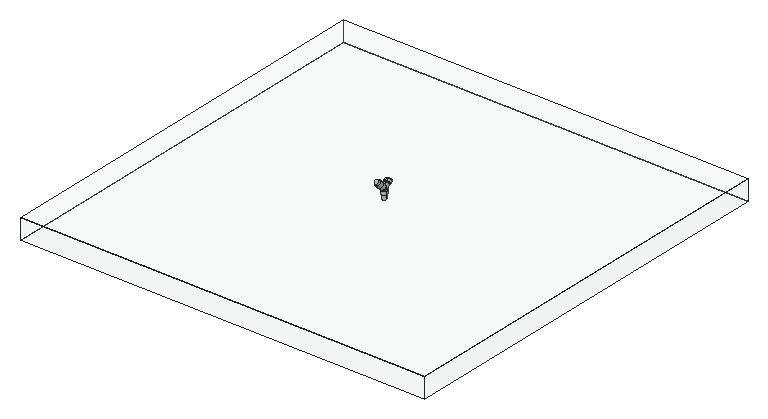
Revit family
Parameters (values of type "26CP")
  Weight Lbs = 1
  Waste Connection = no
  Wall Flange Diameter = 0' - 0"
  Vent Connection = no
  URL = "http://www.woodfordmfg.com/woodford/Wall_Hydrant_Pages/model-26.html"
  Polished Brass (PB) (Optional) = ""
  Overall Faucet Length = 0' - 4 5/8"
  Overall Faucet Height = 0' - 4 5/8"
  Outlet = "3/4\" Male Hose Thread"
  Model = "26CP"
  Max Temperature = "120º -F"
  Max Pressure = 125.00 psi
  Manufacturer = "Woodford Manufacturing Company"
  Inlets = "1/2\" Copper Tube & 1/2\" MPT Combination"
  HW Connection = yes
  GPM = "13.8 @ 100 psi"
  Double Check Backflow Preventor = "ASSE 1052"
  Default Elevation = 4' - 0"
  Clear Polycarbonate Handle Standard = ""
  Chrome (Standard) = ""
  Catalog Sheet = "http://www.woodfordmfg.com/woodford/Wall_Faucet_PDF/26CATALOG.pdf"
  CW Connection = yes
  Brass Head Casting & Internal Parts = ""
  Brass (BR) (Optional) = ""
  Assembly Code = ""
Types (2): name | Model | Inlets | GPM
  26CP | "26CP" | "1/2\" Copper Tube & 1/2\" MPT Combination" | "13.8 @ 100 psi"
  26C | "26C" | "1/2\" and 3/4\" Copper Tube Combination" | "8 @ 100 psi"
Reference planes (in)
  plane 1 "Center (Front/Back)": y = 0
  plane 2: z = 0
  plane 3 "Center (Left/Right)": x = 0
  plane 4 "Wall": z = 0
  plane 5 "Housing Base": z = 1
  plane 6 "Transition": z = 1.875
  plane 7 "Top Transition": z = 2.05782
  plane 8: z = 2.55782
  plane 9: through (0, -0.39526, 5.49161) normal (0, -0.7071, 0.7071)
  plane 10: through (0, -0.0819, 4.74431) normal (0, -0.7071, 0.7071)
  plane 11: through (0, -0.01408, 4.62912) normal (0, -0.7071, 0.7071)
  plane 12: through (0, 0.50356, 3.73254) normal (0, -0.7071, 0.7071)
  plane 13: through (0, 0.75915, 3.09801) normal (0, -0.7071, 0.7071)
  plane 14: through (0, 0.1136, 3.76764) normal (0, -0.7071, -0.7071)
  plane 15: through (0, 0.02521, 3.67925) normal (0, -0.7071, -0.7071)
  plane 16: through (0, -0.6819, 2.97214) normal (0, -0.7071, -0.7071)
  plane 17: z = 9
  plane 18: x = -2.68045
  plane 19: x = 2.68045
  plane 20: through (0, -0.52466, 5.71576) normal (0, -0.7071, 0.7071)
Forms (in)
  Extrusion 1, solid, material "Glass"
    sketch origin (0, 0, 0) x (1, 0, 0) y (0, 1, 0)
      loop
        line (-48, 48) -> (-48, -48) -> (48, -48) -> (48, 48) -> (-48, 48)
    from 0 to -4.92093
  Extrusion 2, solid, material "Chrome", detail levels fine
    sketch origin (0, 0, 0) x (-1, 0, 0) y (0, -1, 0)
      loop
        circle (0, 0) r 0.5
    from 0 to 1
  Extrusion 3, solid, material "Chrome", detail levels fine
    sketch origin (0, 0, 1) x (-1, 0, 0) y (0, -1, 0)
      loop
        circle (0, 0) r 0.625
    from 0 to 0.875
  Extrusion 4, solid, material "Chrome", detail levels fine
    sketch origin (0, 0, 1.875) x (-1, 0, 0) y (0, -1, 0)
      loop
        circle (0, 0) r 0.625
    from 0 to 0.18282
  Blend 5, solid, material "Chrome", detail levels fine
    base sketch origin (0, 0, 2.05782) x (-1, 0, 0) y (0, -1, 0)
      loop
        circle (0, 0) r 0.625
    top sketch origin (0, 0, 2.05782) x (-1, 0, 0) y (0, -1, 0)
      loop
        circle (0, 0) r 0.41023
    from 0 to 0.5
  Sweep 6, solid, material "Chrome", detail levels fine
    path origin (0, -0.26979, 1.20949) x (0, 0.965926, -0.258819) y (0, 0.258819, 0.965926)
      loop
        line (0.08507, 1.0536) -> (0.58507, 1.91963)
    profile origin (0, 0.43863, 2.55873) x (0, -0.707107, 0.707107) y (1, 0, 0)
      loop
        circle (0, 0) r 0.5
  Sweep 7, solid, material "Chrome", detail levels fine
    path origin (0, 0, 1.15157) x (0, -1, 0) y (0, 0, -1)
      loop
        line (0.10287, -1.08442) -> (0.54793, -1.52948)
    profile origin (0, -0.3254, 2.45853) x (0, -0.707107, -0.707107) y (1, 0, 0)
      loop
        circle (0, 0) r 0.5
  Sweep 8, solid, material "Chrome", detail levels fine
    path origin (0, 0, 1.15157) x (0, 1, 0) y (0, 0, 1)
      loop
        line (-0.54793, 1.52948) -> (-1.25503, 2.23659)
    profile origin (0, -0.90148, 3.03461) x (0, -0.707107, -0.707107) y (1, 0, 0)
      loop
        circle (0, 0) r 0.625
  Sweep 9, solid, material "Chrome", detail levels fine
    path origin (0, 0, 1.15157) x (0, 1, 0) y (0, 0, 1)
      loop
        line (-1.25503, 2.23659) -> (-1.34654, 2.3281)
    profile origin (0, -1.30079, 3.43392) x (0, -0.707107, -0.707107) y (1, 0, 0)
      loop
        circle (-0.02304, 0) r 0.375
  Sweep 10, solid, material "Chrome", detail levels fine
    path origin (0, 0.26517, 0.88641) x (0, 1, 0) y (0, 0, 1)
      loop
        line (-1.61171, 2.59326) -> (-2.14204, 3.12359)
    profile origin (0, -1.61171, 3.74483) x (0, -0.707107, -0.707107) y (1, 0, 0)
      loop
        circle (0, 0) r 0.625
  Sweep 11, solid, material "Chrome", detail levels fine
    path origin (0, -0.26979, 1.20949) x (0, 0.965926, -0.258819) y (0, 0.258819, 0.965926)
      loop
        line (0.58507, 1.91963) -> (0.64757, 2.02788)
    profile origin (0, 0.83637, 2.95647) x (0, -0.707107, 0.707107) y (1, 0, 0)
      loop
        circle (0, 0) r 0.25
  Sweep 12, solid, material "Chrome", detail levels fine
    path origin (0, -0.23795, 1.75555) x (0, 1, 0) y (0, 0, 1)
      loop
        line (-1.81569, 2.43122) -> (-1.99247, 2.608)
    profile origin (0, -2.14204, 4.27516) x (0, -0.707107, -0.707107) y (1, 0, 0)
      loop
        circle (0, 0) r 0.5
  Sweep 13, solid, material "Chrome", detail levels fine
    path origin (0, -0.79861, 1.95019) x (0, 1, 0) y (0, 0, 1)
      loop
        line (-1.07826, 2.05981) -> (-1.25503, 2.23659)
    profile origin (0, -1.96526, 4.09839) x (0, -0.707107, -0.707107) y (1, 0, 0)
      loop
        circle (-0.02304, 0) r 0.375
  Revolve 14, solid, material "Chrome"
    sketch origin (0, 0, 0) x (0, 1, 0) y (0, 0, 1)
      loop
        line (1.4109, 3.531) -> (1.05439, 3.8875) -> (0.88124, 3.8875) -> (0.43995, 3.54273) -> (0.40096, 3.58172) -> (0.35024, 3.531) -> (0.88057, 3.00067) -> (1.4109, 3.531)
      axis (1.4109, 3.531) -> (0.88057, 3.00067)
    angle from 0 to 360
Lines and regions (in)
  reference lines
    curve 1: line (0, 0.08507, 2.20517) -> (0, 2.28664, 4.40674)
    curve 2: line (0, -0.10287, 2.236) -> (0, -3.25006, 5.38319)
  model lines, detail levels coarse+medium
    curve 3: line (0, 0, 0) -> (0, 0, 9)
    curve 4: line (-2.68045, 0, 8.15157) -> (0, 0, 8.15157)
    curve 5: line (2.68045, 0, 8.15157) -> (0, 0, 8.15157)
Dimensions and locks (in)
  plane 4 "Wall" to Extrusion 1 = 0' - 0"
  equal spacing: plane 18, plane 3 "Center (Left/Right)", plane 19
  plane 18 to plane 19 = 0' - 5.36091"
  plane 17 to level = 0' - 9"
  curve 4 to level = 0' - 8.15157"
  curve 5 to level = 0' - 8.15157"
  locked: plane 20 to plane 9 at 0.25
  plane 9 to plane 10 = 0' - 0 3/4"
  locked: plane 10 to plane 11 at 0.12941
  locked: plane 11 to plane 12 at 1
  plane 12 to plane 13 = 0' - 0.62941"
  plane 15 to plane 14 = 0' - 0 1/8"
  plane 16 to plane 15 = 0' - 1"
  plane 6 "Transition" to plane 5 "Housing Base" = 0' - 0 7/8"
  plane 5 "Housing Base" to Extrusion 1 = 0' - 1"
  radius of Extrusion 4 sketch curve = 0' - 0 5/8"
  angle curve 2 to curve 3 = 45.00°
  angle curve 3 to curve 1 = 45.00°
  aligned and locked: plane 2 to Extrusion 1
  aligned and locked: level to Extrusion 1
  aligned and locked: plane 5 "Housing Base" to Extrusion 2
  aligned and locked: plane 6 "Transition" to Extrusion 3
  aligned and locked: plane 7 "Top Transition" to Extrusion 4
  aligned and locked: plane 8 to Blend 5
  aligned and locked: curve 2 to Sweep 10 sketch curve
  aligned and locked: plane 10 to Sweep 9 sketch curve
  aligned and locked: plane 11 to Sweep 9 sketch curve
  aligned and locked: curve 2 to Sweep 9 sketch curve
  aligned and locked: plane 11 to Sweep 8 sketch curve
  aligned and locked: plane 12 to Sweep 8 sketch curve
  aligned and locked: curve 2 to Sweep 8 sketch curve
  aligned and locked: plane 12 to Sweep 7 sketch curve
  aligned and locked: plane 13 to Sweep 7 sketch curve
  aligned and locked: Sweep 7 sketch curve to curve 2
  aligned: curve 2 to Sweep 12 sketch curve
  aligned and locked: plane 14 to Sweep 11 sketch curve
  aligned and locked: plane 15 to Sweep 11 sketch curve
  aligned and locked: curve 1 to Sweep 11 sketch curve
  aligned and locked: plane 15 to Sweep 6 sketch curve
  aligned and locked: plane 16 to Sweep 6 sketch curve
  aligned and locked: Sweep 6 sketch curve to curve 1
  aligned: plane 20 to Sweep 12  (x2)
  aligned and locked: curve 2 to Sweep 13 sketch curve
  aligned and locked: curve 2 to Sweep 12 sketch curve
  aligned: plane 10 to Sweep 10
  aligned and locked: plane 9 to Sweep 10
  aligned and locked: plane 10 to Sweep 10
  aligned and locked: plane 20 to Sweep 12
Automatic sketch dimensions
  plane 18 to curve 4 = 0' - 0"
  curve 3 to plane 3 "Center (Left/Right)" = 0' - 0"
  plane 19 to curve 5 = 0' - 0"
  curve 3 to level = 0' - 0"
  curve 3 to plane 17 = 0' - 0"
  Extrusion 1 sketch curve to Extrusion 1 sketch curve = 8' - 0"  (x2)
  plane 1 "Center (Front/Back)" to Extrusion 2 sketch curve = 0' - 0"
  Extrusion 2 sketch curve to plane 3 "Center (Left/Right)" = 0' - 0"
  plane 1 "Center (Front/Back)" to Extrusion 3 sketch curve = 0' - 0"
  Extrusion 3 sketch curve to plane 3 "Center (Left/Right)" = 0' - 0"
  plane 1 "Center (Front/Back)" to Extrusion 4 sketch curve = 0' - 0"
  Extrusion 4 sketch curve to plane 3 "Center (Left/Right)" = 0' - 0"
  plane 1 "Center (Front/Back)" to Blend 5 sketch curve = 0' - 0"  (x2)
  Blend 5 sketch curve to plane 3 "Center (Left/Right)" = 0' - 0"  (x2)
  Sweep 6 sketch curve to profile plane = 0' - 0"  (x2)
  Sweep 7 sketch curve to profile plane = 0' - 0"  (x2)
  Sweep 8 sketch curve to plane 12 = 0' - 0"
  Sweep 8 sketch curve to profile plane = 0' - 0"  (x2)
  Sweep 9 sketch curve to profile plane = 0' - 0"
  profile plane to Sweep 9 sketch curve = 0' - 0.02304"
  Sweep 10 sketch curve to profile plane = 0' - 0"  (x2)
  Sweep 11 sketch curve to profile plane = 0' - 0"  (x2)
  Sweep 12 sketch curve to Sweep 12 sketch curve = 0' - 0.17678"
  plane 8 to Sweep 12 sketch curve = 0' - 1.62895"
  Sweep 12 sketch curve to profile plane = 0' - 0"  (x2)
  Sweep 13 sketch curve to profile plane = 0' - 0"
  profile plane to Sweep 13 sketch curve = 0' - 0.02304"
  curve 2 to plane 13 = 0' - 0"
  plane 16 to curve 1 = 0' - 0"
  plane 1 "Center (Front/Back)" to curve 2 = 0' - 3.25006"
  plane 1 "Center (Front/Back)" to curve 2 = 0' - 0.10287"
  curve 1 to plane 1 "Center (Front/Back)" = 0' - 0.08507"
  curve 1 to plane 1 "Center (Front/Back)" = 0' - 2.28664"
  plane 8 to curve 1 = 0' - 1.84891"
  plane 8 to curve 2 = 0' - 2.82536"
  Sweep 13 sketch curve to plane 20 = 0' - 0"
  Sweep 13 sketch curve to plane 9 = 0' - 0"
  plane 8 to Sweep 10 sketch curve = 0' - 1.45218"
  plane 8 to Sweep 10 sketch curve = 0' - 0.92185"
  plane 14 to Revolve 14 sketch curve = 0' - 0"  (x2)
  Revolve 14 sketch curve to plane 14 = 0' - 0"
  Revolve 14 sketch curve to plane 1 "Center (Front/Back)" = 0' - 0.35024"
  Revolve 14 sketch curve to Revolve 14 sketch curve = 0' - 0.05072"
  Revolve 14 sketch curve to Revolve 14 sketch curve = 0' - 0.03899"
  plane 8 to Revolve 14 sketch curve = 0' - 0.44285"  (x2)
  Revolve 14 sketch curve to Revolve 14 sketch curve = 0' - 0.52966"
  Revolve 14 sketch curve to Revolve 14 sketch curve = 0' - 0.17315"
  plane 8 to Revolve 14 sketch curve = 0' - 0.97318"
  Revolve 14 sketch curve to Revolve 14 sketch curve = 0' - 0.44129"
  Revolve 14 sketch curve to Revolve 14 sketch curve = 0' - 0"
  radius of Extrusion 2 sketch curve = 0' - 0 1/2"
  radius of Extrusion 3 sketch curve = 0' - 0 5/8"
  radius of Blend 5 sketch curve = 0' - 0 5/8"
  radius of Blend 5 sketch curve = 0' - 0.41023"
  radius of Sweep 6 sketch curve = 0' - 0 1/2"
  radius of Sweep 7 sketch curve = 0' - 0 1/2"
  radius of Sweep 8 sketch curve = 0' - 0 5/8"
  radius of Sweep 9 sketch curve = 0' - 0 3/8"
  radius of Sweep 10 sketch curve = 0' - 0 5/8"
  radius of Sweep 11 sketch curve = 0' - 0 1/4"
  radius of Sweep 12 sketch curve = 0' - 0 1/2"
  radius of Sweep 13 sketch curve = 0' - 0 3/8"
Connectors (in)
  piping at (0, 0, 0)
    settings: on Extrusion 2, index 1, connector radius 3/8", flow factor 0, pipe flow 8 GPM, pressure drop 100.00 psi, fitting loss kfactor 0, connector angle 0.00°, fixture units 0, flow configuration 1, flow direction 1, fitting loss method 4, system type 20, connector reference index -1, connector utility 0, adjustable connector no, is connector primary yes, fitting loss table "", connector description ""
